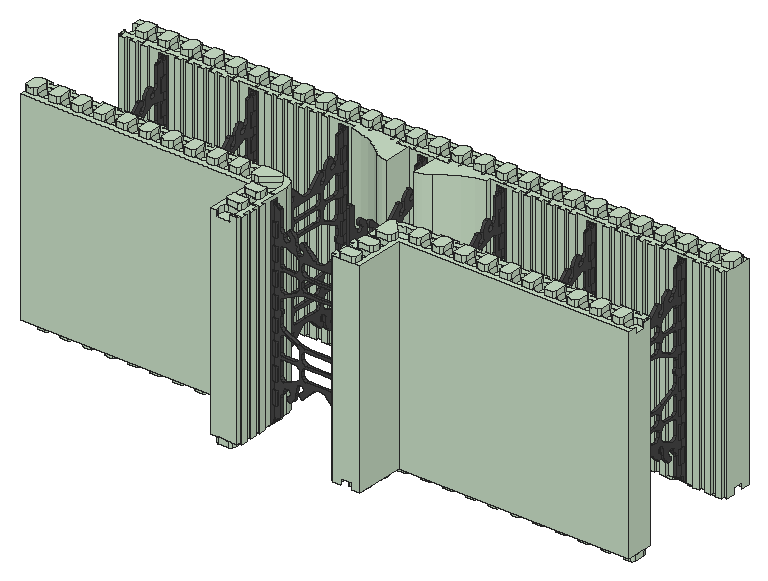
Revit family (continued)
Definition of nested family "8-inch Insert Web w One Fastening Strip"
  Forms (mm)
    Extrusion 4, void
      sketch origin (0, -25.4, 0) x (1, 0, 0) y (0, 1, 0)
        loop
          arc (-6.35, -70.929) -> (-5.736, -69.448) -> (-4.255, -68.834) r 2.095
          line (-4.255, -68.834) -> (-6.35, -68.834) -> (-6.35, -70.929)
      from 0 to 457.2
    Extrusion 5, void
      sketch origin (0, -25.4, 0) x (-1, 0, 0) y (0, -1, 0)
        loop
          line (-6.35, 70.929) -> (-6.35, 68.834) -> (-4.255, 68.834)
          arc (-4.255, 68.834) -> (-5.736, 69.448) -> (-6.35, 70.929) r 2.095
      from 0 to 457.2
  Cuts and joins
    Extrusion 4, Extrusion 5 cuts Extrusion 1
    Extrusion 4, Extrusion 5 cuts Extrusion 3
Definition of nested family "NUDURA Diamond Pattern Missing Two Lines"
  Reference planes
    plane 1 "Center (Front/Back)": y = 0
    plane 2: z = 0
    plane 3 "Center (Left/Right)": x = 0
    plane 4: z = 457.2
  Lines and regions (mm)
    model lines
      curve 1: line (50.8, -142.875, 457.2) -> (50.8, -142.875, 0)
      curve 2: line (85.183, -142.875, 431.415) -> (93.906, -142.875, 422.692)
      curve 3: arc (85.183, -142.875, 444.885) -> (82.394, -142.875, 438.15) -> (85.183, -142.875, 431.415) r 9.525
      curve 4: line (94.708, -142.875, 454.41) -> (85.183, -142.875, 444.885)
      curve 5: arc (108.179, -142.875, 454.41) -> (101.444, -142.875, 457.2) -> (94.708, -142.875, 454.41) r 9.525
      curve 6: line (117.704, -142.875, 444.885) -> (108.179, -142.875, 454.41)
      curve 7: arc (117.704, -142.875, 431.415) -> (120.494, -142.875, 438.15) -> (117.704, -142.875, 444.885) r 9.525
      curve 8: line (108.981, -142.875, 422.692) -> (117.704, -142.875, 431.415)
      curve 9: arc (105.934, -142.875, 452.165) -> (101.444, -142.875, 454.025) -> (96.953, -142.875, 452.165) r 6.35
      curve 10: line (115.459, -142.875, 442.64) -> (105.934, -142.875, 452.165)
      curve 11: arc (115.459, -142.875, 433.66) -> (117.319, -142.875, 438.15) -> (115.459, -142.875, 442.64) r 6.35
      curve 12: line (105.934, -142.875, 424.135) -> (115.459, -142.875, 433.66)
      curve 13: arc (96.953, -142.875, 424.135) -> (101.444, -142.875, 422.275) -> (105.934, -142.875, 424.135) r 6.35
      curve 14: line (87.428, -142.875, 433.66) -> (96.953, -142.875, 424.135)
      curve 15: arc (87.428, -142.875, 442.64) -> (85.569, -142.875, 438.15) -> (87.428, -142.875, 433.66) r 6.35
      curve 16: line (96.953, -142.875, 452.165) -> (87.428, -142.875, 442.64)
      curve 17: arc (93.906, -142.875, 415.508) -> (95.394, -142.875, 419.1) -> (93.906, -142.875, 422.692) r 5.08
      curve 18: line (117.704, -142.875, 406.785) -> (108.981, -142.875, 415.508)
      curve 19: arc (117.704, -142.875, 393.315) -> (120.494, -142.875, 400.05) -> (117.704, -142.875, 406.785) r 9.525
      curve 20: line (108.981, -142.875, 384.592) -> (117.704, -142.875, 393.315)
      curve 21: line (85.183, -142.875, 393.315) -> (93.906, -142.875, 384.592)
      curve 22: arc (85.183, -142.875, 406.785) -> (82.394, -142.875, 400.05) -> (85.183, -142.875, 393.315) r 9.525
      curve 23: line (93.906, -142.875, 415.508) -> (85.183, -142.875, 406.785)
      curve 24: arc (105.934, -142.875, 414.065) -> (101.444, -142.875, 415.925) -> (96.953, -142.875, 414.065) r 6.35
      curve 25: line (96.953, -142.875, 414.065) -> (87.428, -142.875, 404.54)
      curve 26: arc (87.428, -142.875, 404.54) -> (85.569, -142.875, 400.05) -> (87.428, -142.875, 395.56) r 6.35
      curve 27: line (87.428, -142.875, 395.56) -> (96.953, -142.875, 386.035)
      curve 28: arc (96.953, -142.875, 386.035) -> (101.444, -142.875, 384.175) -> (105.934, -142.875, 386.035) r 6.35
      curve 29: line (105.934, -142.875, 386.035) -> (115.459, -142.875, 395.56)
      curve 30: arc (115.459, -142.875, 395.56) -> (117.319, -142.875, 400.05) -> (115.459, -142.875, 404.54) r 6.35
      curve 31: line (115.459, -142.875, 404.54) -> (105.934, -142.875, 414.065)
      curve 32: arc (93.906, -142.875, 377.408) -> (95.394, -142.875, 381) -> (93.906, -142.875, 384.592) r 5.08
      curve 33: line (117.704, -142.875, 368.685) -> (108.981, -142.875, 377.408)
      curve 34: arc (117.704, -142.875, 355.215) -> (120.494, -142.875, 361.95) -> (117.704, -142.875, 368.685) r 9.525
      curve 35: line (108.981, -142.875, 346.492) -> (117.704, -142.875, 355.215)
      curve 36: line (85.183, -142.875, 355.215) -> (93.906, -142.875, 346.492)
      curve 37: arc (85.183, -142.875, 368.685) -> (82.394, -142.875, 361.95) -> (85.183, -142.875, 355.215) r 9.525
      curve 38: line (93.906, -142.875, 377.408) -> (85.183, -142.875, 368.685)
      curve 39: arc (105.934, -142.875, 375.965) -> (101.444, -142.875, 377.825) -> (96.953, -142.875, 375.965) r 6.35
      curve 40: line (96.953, -142.875, 375.965) -> (87.428, -142.875, 366.44)
      curve 41: arc (87.428, -142.875, 366.44) -> (85.569, -142.875, 361.95) -> (87.428, -142.875, 357.46) r 6.35
      curve 42: line (87.428, -142.875, 357.46) -> (96.953, -142.875, 347.935)
      curve 43: arc (96.953, -142.875, 347.935) -> (101.444, -142.875, 346.075) -> (105.934, -142.875, 347.935) r 6.35
      curve 44: line (105.934, -142.875, 347.935) -> (115.459, -142.875, 357.46)
      curve 45: arc (115.459, -142.875, 357.46) -> (117.319, -142.875, 361.95) -> (115.459, -142.875, 366.44) r 6.35
      curve 46: line (115.459, -142.875, 366.44) -> (105.934, -142.875, 375.965)
      curve 47: arc (93.906, -142.875, 339.308) -> (95.394, -142.875, 342.9) -> (93.906, -142.875, 346.492) r 5.08
      curve 48: line (117.704, -142.875, 330.585) -> (108.981, -142.875, 339.308)
      curve 49: arc (117.704, -142.875, 317.115) -> (120.494, -142.875, 323.85) -> (117.704, -142.875, 330.585) r 9.525
      curve 50: line (108.981, -142.875, 308.392) -> (117.704, -142.875, 317.115)
      curve 51: line (85.183, -142.875, 317.115) -> (93.906, -142.875, 308.392)
      curve 52: arc (85.183, -142.875, 330.585) -> (82.394, -142.875, 323.85) -> (85.183, -142.875, 317.115) r 9.525
      curve 53: line (93.906, -142.875, 339.308) -> (85.183, -142.875, 330.585)
      curve 54: arc (105.934, -142.875, 337.865) -> (101.444, -142.875, 339.725) -> (96.953, -142.875, 337.865) r 6.35
      curve 55: line (96.953, -142.875, 337.865) -> (87.428, -142.875, 328.34)
      curve 56: arc (87.428, -142.875, 328.34) -> (85.569, -142.875, 323.85) -> (87.428, -142.875, 319.36) r 6.35
      curve 57: line (87.428, -142.875, 319.36) -> (96.953, -142.875, 309.835)
      curve 58: arc (96.953, -142.875, 309.835) -> (101.444, -142.875, 307.975) -> (105.934, -142.875, 309.835) r 6.35
      curve 59: line (105.934, -142.875, 309.835) -> (115.459, -142.875, 319.36)
      curve 60: arc (115.459, -142.875, 319.36) -> (117.319, -142.875, 323.85) -> (115.459, -142.875, 328.34) r 6.35
      curve 61: line (115.459, -142.875, 328.34) -> (105.934, -142.875, 337.865)
      curve 62: arc (93.906, -142.875, 301.208) -> (95.394, -142.875, 304.8) -> (93.906, -142.875, 308.392) r 5.08
      curve 63: line (117.704, -142.875, 292.485) -> (108.981, -142.875, 301.208)
      curve 64: arc (117.704, -142.875, 279.015) -> (120.494, -142.875, 285.75) -> (117.704, -142.875, 292.485) r 9.525
      curve 65: line (108.981, -142.875, 270.292) -> (117.704, -142.875, 279.015)
      curve 66: line (85.183, -142.875, 279.015) -> (93.906, -142.875, 270.292)
      curve 67: arc (85.183, -142.875, 292.485) -> (82.394, -142.875, 285.75) -> (85.183, -142.875, 279.015) r 9.525
      curve 68: line (93.906, -142.875, 301.208) -> (85.183, -142.875, 292.485)
      curve 69: arc (105.934, -142.875, 299.765) -> (101.444, -142.875, 301.625) -> (96.953, -142.875, 299.765) r 6.35
      curve 70: line (96.953, -142.875, 299.765) -> (87.428, -142.875, 290.24)
      curve 71: arc (87.428, -142.875, 290.24) -> (85.569, -142.875, 285.75) -> (87.428, -142.875, 281.26) r 6.35
      curve 72: line (87.428, -142.875, 281.26) -> (96.953, -142.875, 271.735)
      curve 73: arc (96.953, -142.875, 271.735) -> (101.444, -142.875, 269.875) -> (105.934, -142.875, 271.735) r 6.35
      curve 74: line (105.934, -142.875, 271.735) -> (115.459, -142.875, 281.26)
      curve 75: arc (115.459, -142.875, 281.26) -> (117.319, -142.875, 285.75) -> (115.459, -142.875, 290.24) r 6.35
      curve 76: line (115.459, -142.875, 290.24) -> (105.934, -142.875, 299.765)
      curve 77: arc (93.906, -142.875, 263.108) -> (95.394, -142.875, 266.7) -> (93.906, -142.875, 270.292) r 5.08
      curve 78: line (117.704, -142.875, 254.385) -> (108.981, -142.875, 263.108)
      curve 79: arc (117.704, -142.875, 240.915) -> (120.494, -142.875, 247.65) -> (117.704, -142.875, 254.385) r 9.525
      curve 80: line (108.981, -142.875, 232.192) -> (117.704, -142.875, 240.915)
      curve 81: line (85.183, -142.875, 240.915) -> (93.906, -142.875, 232.192)
      curve 82: arc (85.183, -142.875, 254.385) -> (82.394, -142.875, 247.65) -> (85.183, -142.875, 240.915) r 9.525
      curve 83: line (93.906, -142.875, 263.108) -> (85.183, -142.875, 254.385)
      curve 84: arc (105.934, -142.875, 261.665) -> (101.444, -142.875, 263.525) -> (96.953, -142.875, 261.665) r 6.35
      curve 85: line (96.953, -142.875, 261.665) -> (87.428, -142.875, 252.14)
      curve 86: arc (87.428, -142.875, 252.14) -> (85.569, -142.875, 247.65) -> (87.428, -142.875, 243.16) r 6.35
      curve 87: line (87.428, -142.875, 243.16) -> (96.953, -142.875, 233.635)
      curve 88: arc (96.953, -142.875, 233.635) -> (101.444, -142.875, 231.775) -> (105.934, -142.875, 233.635) r 6.35
      curve 89: line (105.934, -142.875, 233.635) -> (115.459, -142.875, 243.16)
      curve 90: arc (115.459, -142.875, 243.16) -> (117.319, -142.875, 247.65) -> (115.459, -142.875, 252.14) r 6.35
      curve 91: line (115.459, -142.875, 252.14) -> (105.934, -142.875, 261.665)
      curve 92: arc (93.906, -142.875, 225.008) -> (95.394, -142.875, 228.6) -> (93.906, -142.875, 232.192) r 5.08
      curve 93: line (117.704, -142.875, 216.285) -> (108.981, -142.875, 225.008)
      curve 94: arc (117.704, -142.875, 202.815) -> (120.494, -142.875, 209.55) -> (117.704, -142.875, 216.285) r 9.525
      curve 95: line (108.981, -142.875, 194.092) -> (117.704, -142.875, 202.815)
      curve 96: line (85.183, -142.875, 202.815) -> (93.906, -142.875, 194.092)
      curve 97: arc (85.183, -142.875, 216.285) -> (82.394, -142.875, 209.55) -> (85.183, -142.875, 202.815) r 9.525
      curve 98: line (93.906, -142.875, 225.008) -> (85.183, -142.875, 216.285)
      curve 99: arc (105.934, -142.875, 223.565) -> (101.444, -142.875, 225.425) -> (96.953, -142.875, 223.565) r 6.35
      curve 100: line (96.953, -142.875, 223.565) -> (87.428, -142.875, 214.04)
      curve 101: arc (87.428, -142.875, 214.04) -> (85.569, -142.875, 209.55) -> (87.428, -142.875, 205.06) r 6.35
      curve 102: line (87.428, -142.875, 205.06) -> (96.953, -142.875, 195.535)
      curve 103: arc (96.953, -142.875, 195.535) -> (101.444, -142.875, 193.675) -> (105.934, -142.875, 195.535) r 6.35
      curve 104: line (105.934, -142.875, 195.535) -> (115.459, -142.875, 205.06)
      curve 105: arc (115.459, -142.875, 205.06) -> (117.319, -142.875, 209.55) -> (115.459, -142.875, 214.04) r 6.35
      curve 106: line (115.459, -142.875, 214.04) -> (105.934, -142.875, 223.565)
      curve 107: arc (93.906, -142.875, 186.908) -> (95.394, -142.875, 190.5) -> (93.906, -142.875, 194.092) r 5.08
      curve 108: line (117.704, -142.875, 178.185) -> (108.981, -142.875, 186.908)
      curve 109: arc (117.704, -142.875, 164.715) -> (120.494, -142.875, 171.45) -> (117.704, -142.875, 178.185) r 9.525
      curve 110: line (108.981, -142.875, 155.992) -> (117.704, -142.875, 164.715)
      curve 111: line (85.183, -142.875, 164.715) -> (93.906, -142.875, 155.992)
      curve 112: arc (85.183, -142.875, 178.185) -> (82.394, -142.875, 171.45) -> (85.183, -142.875, 164.715) r 9.525
      curve 113: line (93.906, -142.875, 186.908) -> (85.183, -142.875, 178.185)
      curve 114: arc (105.934, -142.875, 185.465) -> (101.444, -142.875, 187.325) -> (96.953, -142.875, 185.465) r 6.35
      curve 115: line (96.953, -142.875, 185.465) -> (87.428, -142.875, 175.94)
      curve 116: arc (87.428, -142.875, 175.94) -> (85.569, -142.875, 171.45) -> (87.428, -142.875, 166.96) r 6.35
      curve 117: line (87.428, -142.875, 166.96) -> (96.953, -142.875, 157.435)
      curve 118: arc (96.953, -142.875, 157.435) -> (101.444, -142.875, 155.575) -> (105.934, -142.875, 157.435) r 6.35
      curve 119: line (105.934, -142.875, 157.435) -> (115.459, -142.875, 166.96)
      curve 120: arc (115.459, -142.875, 166.96) -> (117.319, -142.875, 171.45) -> (115.459, -142.875, 175.94) r 6.35
      curve 121: line (115.459, -142.875, 175.94) -> (105.934, -142.875, 185.465)
      curve 122: arc (93.906, -142.875, 148.808) -> (95.394, -142.875, 152.4) -> (93.906, -142.875, 155.992) r 5.08
      curve 123: line (117.704, -142.875, 140.085) -> (108.981, -142.875, 148.808)
      curve 124: arc (117.704, -142.875, 126.615) -> (120.494, -142.875, 133.35) -> (117.704, -142.875, 140.085) r 9.525
      curve 125: line (108.981, -142.875, 117.892) -> (117.704, -142.875, 126.615)
      curve 126: line (85.183, -142.875, 126.615) -> (93.906, -142.875, 117.892)
      curve 127: arc (85.183, -142.875, 140.085) -> (82.394, -142.875, 133.35) -> (85.183, -142.875, 126.615) r 9.525
      curve 128: line (93.906, -142.875, 148.808) -> (85.183, -142.875, 140.085)
      curve 129: arc (105.934, -142.875, 147.365) -> (101.444, -142.875, 149.225) -> (96.953, -142.875, 147.365) r 6.35
      curve 130: line (96.953, -142.875, 147.365) -> (87.428, -142.875, 137.84)
      curve 131: arc (87.428, -142.875, 137.84) -> (85.569, -142.875, 133.35) -> (87.428, -142.875, 128.86) r 6.35
      curve 132: line (87.428, -142.875, 128.86) -> (96.953, -142.875, 119.335)
      curve 133: arc (96.953, -142.875, 119.335) -> (101.444, -142.875, 117.475) -> (105.934, -142.875, 119.335) r 6.35
      curve 134: line (105.934, -142.875, 119.335) -> (115.459, -142.875, 128.86)
      curve 135: arc (115.459, -142.875, 128.86) -> (117.319, -142.875, 133.35) -> (115.459, -142.875, 137.84) r 6.35
      curve 136: line (115.459, -142.875, 137.84) -> (105.934, -142.875, 147.365)
      curve 137: arc (93.906, -142.875, 110.708) -> (95.394, -142.875, 114.3) -> (93.906, -142.875, 117.892) r 5.08
      curve 138: line (117.704, -142.875, 101.985) -> (108.981, -142.875, 110.708)
      curve 139: arc (117.704, -142.875, 88.515) -> (120.494, -142.875, 95.25) -> (117.704, -142.875, 101.985) r 9.525
      curve 140: line (108.981, -142.875, 79.792) -> (117.704, -142.875, 88.515)
      curve 141: line (85.183, -142.875, 88.515) -> (93.906, -142.875, 79.792)
      curve 142: arc (85.183, -142.875, 101.985) -> (82.394, -142.875, 95.25) -> (85.183, -142.875, 88.515) r 9.525
      curve 143: line (93.906, -142.875, 110.708) -> (85.183, -142.875, 101.985)
      curve 144: arc (105.934, -142.875, 109.265) -> (101.444, -142.875, 111.125) -> (96.953, -142.875, 109.265) r 6.35
      curve 145: line (96.953, -142.875, 109.265) -> (87.428, -142.875, 99.74)
      curve 146: arc (87.428, -142.875, 99.74) -> (85.569, -142.875, 95.25) -> (87.428, -142.875, 90.76) r 6.35
      curve 147: line (87.428, -142.875, 90.76) -> (96.953, -142.875, 81.235)
      curve 148: arc (96.953, -142.875, 81.235) -> (101.444, -142.875, 79.375) -> (105.934, -142.875, 81.235) r 6.35
      curve 149: line (105.934, -142.875, 81.235) -> (115.459, -142.875, 90.76)
      curve 150: arc (115.459, -142.875, 90.76) -> (117.319, -142.875, 95.25) -> (115.459, -142.875, 99.74) r 6.35
      curve 151: line (115.459, -142.875, 99.74) -> (105.934, -142.875, 109.265)
      curve 152: arc (93.906, -142.875, 72.608) -> (95.394, -142.875, 76.2) -> (93.906, -142.875, 79.792) r 5.08
      curve 153: line (117.704, -142.875, 63.885) -> (108.981, -142.875, 72.608)
      curve 154: arc (117.704, -142.875, 50.415) -> (120.494, -142.875, 57.15) -> (117.704, -142.875, 63.885) r 9.525
      curve 155: line (108.981, -142.875, 41.692) -> (117.704, -142.875, 50.415)
      curve 156: line (85.183, -142.875, 50.415) -> (93.906, -142.875, 41.692)
      curve 157: arc (85.183, -142.875, 63.885) -> (82.394, -142.875, 57.15) -> (85.183, -142.875, 50.415) r 9.525
      curve 158: line (93.906, -142.875, 72.608) -> (85.183, -142.875, 63.885)
      curve 159: arc (105.934, -142.875, 71.165) -> (101.444, -142.875, 73.025) -> (96.953, -142.875, 71.165) r 6.35
      curve 160: line (96.953, -142.875, 71.165) -> (87.428, -142.875, 61.64)
      curve 161: arc (87.428, -142.875, 61.64) -> (85.569, -142.875, 57.15) -> (87.428, -142.875, 52.66) r 6.35
      curve 162: line (87.428, -142.875, 52.66) -> (96.953, -142.875, 43.135)
      curve 163: arc (96.953, -142.875, 43.135) -> (101.444, -142.875, 41.275) -> (105.934, -142.875, 43.135) r 6.35
      curve 164: line (105.934, -142.875, 43.135) -> (115.459, -142.875, 52.66)
      curve 165: arc (115.459, -142.875, 52.66) -> (117.319, -142.875, 57.15) -> (115.459, -142.875, 61.64) r 6.35
      curve 166: line (115.459, -142.875, 61.64) -> (105.934, -142.875, 71.165)
      curve 167: arc (93.906, -142.875, 34.508) -> (95.394, -142.875, 38.1) -> (93.906, -142.875, 41.692) r 5.08
      curve 168: line (93.906, -142.875, 34.508) -> (85.183, -142.875, 25.785)
      curve 169: arc (85.183, -142.875, 25.785) -> (82.394, -142.875, 19.05) -> (85.183, -142.875, 12.315) r 9.525
      curve 170: line (85.183, -142.875, 12.315) -> (94.708, -142.875, 2.79)
      curve 171: arc (94.708, -142.875, 2.79) -> (101.444, -142.875, 0) -> (108.179, -142.875, 2.79) r 9.525
      curve 172: line (108.179, -142.875, 2.79) -> (117.704, -142.875, 12.315)
      curve 173: arc (117.704, -142.875, 12.315) -> (120.494, -142.875, 19.05) -> (117.704, -142.875, 25.785) r 9.525
      curve 174: line (117.704, -142.875, 25.785) -> (108.981, -142.875, 34.508)
      curve 175: arc (108.981, -142.875, 41.692) -> (107.493, -142.875, 38.1) -> (108.981, -142.875, 34.508) r 5.08
      curve 176: arc (105.934, -142.875, 33.065) -> (101.444, -142.875, 34.925) -> (96.953, -142.875, 33.065) r 6.35
      curve 177: line (115.459, -142.875, 23.54) -> (105.934, -142.875, 33.065)
      curve 178: arc (115.459, -142.875, 14.56) -> (117.319, -142.875, 19.05) -> (115.459, -142.875, 23.54) r 6.35
      curve 179: line (105.934, -142.875, 5.035) -> (115.459, -142.875, 14.56)
      curve 180: arc (96.953, -142.875, 5.035) -> (101.444, -142.875, 3.175) -> (105.934, -142.875, 5.035) r 6.35
      curve 181: line (87.428, -142.875, 14.56) -> (96.953, -142.875, 5.035)
      curve 182: arc (87.428, -142.875, 23.54) -> (85.569, -142.875, 19.05) -> (87.428, -142.875, 14.56) r 6.35
      curve 183: line (96.953, -142.875, 33.065) -> (87.428, -142.875, 23.54)
      curve 184: arc (108.981, -142.875, 79.792) -> (107.493, -142.875, 76.2) -> (108.981, -142.875, 72.608) r 5.08
      curve 185: arc (108.981, -142.875, 117.892) -> (107.493, -142.875, 114.3) -> (108.981, -142.875, 110.708) r 5.08
      curve 186: arc (108.981, -142.875, 155.992) -> (107.493, -142.875, 152.4) -> (108.981, -142.875, 148.808) r 5.08
      curve 187: arc (108.981, -142.875, 194.092) -> (107.493, -142.875, 190.5) -> (108.981, -142.875, 186.908) r 5.08
      curve 188: arc (108.981, -142.875, 232.192) -> (107.493, -142.875, 228.6) -> (108.981, -142.875, 225.008) r 5.08
      curve 189: arc (108.981, -142.875, 270.292) -> (107.493, -142.875, 266.7) -> (108.981, -142.875, 263.108) r 5.08
      curve 190: arc (108.981, -142.875, 308.392) -> (107.493, -142.875, 304.8) -> (108.981, -142.875, 301.208) r 5.08
      curve 191: arc (108.981, -142.875, 346.492) -> (107.493, -142.875, 342.9) -> (108.981, -142.875, 339.308) r 5.08
      curve 192: arc (108.981, -142.875, 384.592) -> (107.493, -142.875, 381) -> (108.981, -142.875, 377.408) r 5.08
      curve 193: arc (108.981, -142.875, 422.692) -> (107.493, -142.875, 419.1) -> (108.981, -142.875, 415.508) r 5.08
Definition of nested family "NUDURA Logo Diamond"
  Reference planes
    plane 1 "Center (Front/Back)": y = 0
    plane 2: z = 0
    plane 3 "Center (Left/Right)": x = 0
  Lines and regions (mm)
    model lines
      curve 1: line (320.001, 0, 444.526) -> (311.021, 0, 453.507)
      curve 2: line (313.973, 0, 425.925) -> (320.001, 0, 431.954)
      curve 3: line (320.001, 0, 406.426) -> (313.973, 0, 412.455)
      curve 4: line (313.973, 0, 387.825) -> (320.001, 0, 393.854)
      curve 5: line (320.001, 0, 368.326) -> (313.973, 0, 374.355)
      curve 6: line (313.973, 0, 349.725) -> (320.001, 0, 355.754)
      curve 7: line (309.225, 0, 337.411) -> (322.887, 0, 323.749)
      curve 8: line (322.887, 0, 323.749) -> (324.683, 0, 325.545)
      curve 9: line (286.583, 0, 323.749) -> (300.245, 0, 337.411)
      curve 10: line (295.497, 0, 336.255) -> (284.787, 0, 325.545)
      curve 11: line (289.468, 0, 355.754) -> (295.497, 0, 349.725)
      curve 12: line (295.497, 0, 374.355) -> (289.468, 0, 368.326)
      curve 13: line (289.468, 0, 393.854) -> (295.497, 0, 387.825)
      curve 14: line (295.497, 0, 412.455) -> (289.468, 0, 406.426)
      curve 15: line (289.468, 0, 431.954) -> (295.497, 0, 425.925)
      curve 16: line (298.449, 0, 453.507) -> (289.468, 0, 444.526)
      curve 17: line (300.245, 0, 451.711) -> (291.265, 0, 442.73)
      curve 18: line (318.205, 0, 442.73) -> (309.225, 0, 451.711)
      curve 19: line (309.225, 0, 424.77) -> (318.205, 0, 433.75)
      curve 20: line (291.265, 0, 433.75) -> (300.245, 0, 424.77)
      curve 21: arc (289.468, 0, 444.526) -> (286.865, 0, 438.24) -> (289.468, 0, 431.954) r 8.89
      curve 22: arc (298.449, 0, 453.507) -> (304.735, 0, 456.111) -> (311.021, 0, 453.507) r 8.89
      curve 23: arc (291.265, 0, 442.73) -> (289.405, 0, 438.24) -> (291.265, 0, 433.75) r 6.35
      curve 24: arc (318.205, 0, 442.73) -> (320.065, 0, 438.24) -> (318.205, 0, 433.75) r 6.35
      curve 25: arc (309.225, 0, 424.77) -> (304.735, 0, 422.91) -> (300.245, 0, 424.77) r 6.35
      curve 26: arc (300.245, 0, 451.711) -> (304.735, 0, 453.571) -> (309.225, 0, 451.711) r 6.35
      curve 27: arc (320.001, 0, 444.526) -> (322.605, 0, 438.24) -> (320.001, 0, 431.954) r 8.89
      curve 28: arc (295.497, 0, 425.925) -> (298.287, 0, 419.19) -> (295.497, 0, 412.455) r 9.525
      curve 29: arc (313.973, 0, 425.925) -> (311.183, 0, 419.19) -> (313.973, 0, 412.455) r 9.525
      curve 30: line (313.973, 0, 387.825) -> (320.001, 0, 393.854)
      curve 31: line (289.468, 0, 393.854) -> (295.497, 0, 387.825)
      curve 32: line (300.245, 0, 413.611) -> (291.265, 0, 404.63)
      curve 33: line (318.205, 0, 404.63) -> (309.225, 0, 413.611)
      curve 34: line (309.225, 0, 386.67) -> (318.205, 0, 395.65)
      curve 35: line (291.265, 0, 395.65) -> (300.245, 0, 386.67)
      curve 36: arc (289.468, 0, 406.426) -> (286.865, 0, 400.14) -> (289.468, 0, 393.854) r 8.89
      curve 37: arc (291.265, 0, 404.63) -> (289.405, 0, 400.14) -> (291.265, 0, 395.65) r 6.35
      curve 38: arc (318.205, 0, 404.63) -> (320.065, 0, 400.14) -> (318.205, 0, 395.65) r 6.35
      curve 39: arc (309.225, 0, 386.67) -> (304.735, 0, 384.81) -> (300.245, 0, 386.67) r 6.35
      curve 40: arc (300.245, 0, 413.611) -> (304.735, 0, 415.471) -> (309.225, 0, 413.611) r 6.35
      curve 41: arc (320.001, 0, 406.426) -> (322.605, 0, 400.14) -> (320.001, 0, 393.854) r 8.89
      curve 42: line (295.497, 0, 412.455) -> (289.468, 0, 406.426)
      curve 43: line (320.001, 0, 406.426) -> (313.973, 0, 412.455)
      curve 44: arc (295.497, 0, 387.825) -> (298.287, 0, 381.09) -> (295.497, 0, 374.355) r 9.525
      curve 45: arc (313.973, 0, 387.825) -> (311.183, 0, 381.09) -> (313.973, 0, 374.355) r 9.525
      curve 46: line (313.973, 0, 349.725) -> (320.001, 0, 355.754)
      curve 47: line (289.468, 0, 355.754) -> (295.497, 0, 349.725)
      curve 48: line (300.245, 0, 375.511) -> (291.265, 0, 366.53)
      curve 49: line (318.205, 0, 366.53) -> (309.225, 0, 375.511)
      curve 50: line (309.225, 0, 348.57) -> (318.205, 0, 357.55)
      curve 51: line (291.265, 0, 357.55) -> (300.245, 0, 348.57)
      curve 52: arc (289.468, 0, 368.326) -> (286.865, 0, 362.04) -> (289.468, 0, 355.754) r 8.89
      curve 53: arc (291.265, 0, 366.53) -> (289.405, 0, 362.04) -> (291.265, 0, 357.55) r 6.35
      curve 54: arc (318.205, 0, 366.53) -> (320.065, 0, 362.04) -> (318.205, 0, 357.55) r 6.35
      curve 55: arc (309.225, 0, 348.57) -> (304.735, 0, 346.71) -> (300.245, 0, 348.57) r 6.35
      curve 56: arc (300.245, 0, 375.511) -> (304.735, 0, 377.371) -> (309.225, 0, 375.511) r 6.35
      curve 57: arc (320.001, 0, 368.326) -> (322.605, 0, 362.04) -> (320.001, 0, 355.754) r 8.89
      curve 58: line (295.497, 0, 374.355) -> (289.468, 0, 368.326)
      curve 59: arc (295.497, 0, 349.725) -> (298.287, 0, 342.99) -> (295.497, 0, 336.255) r 9.525
      curve 60: arc (313.973, 0, 349.725) -> (311.183, 0, 342.99) -> (313.973, 0, 336.255) r 9.525
      curve 61: line (324.683, 0, 325.545) -> (313.973, 0, 336.255)
      curve 62: line (284.787, 0, 325.545) -> (286.583, 0, 323.749)
      curve 63: arc (300.245, 0, 337.411) -> (304.735, 0, 339.271) -> (309.225, 0, 337.411) r 6.35
      curve 64: line (320.001, 0, 12.854) -> (311.021, 0, 3.874)
      curve 65: line (313.973, 0, 31.455) -> (320.001, 0, 25.426)
      curve 66: line (320.001, 0, 50.954) -> (313.973, 0, 44.925)
      curve 67: line (313.973, 0, 69.555) -> (320.001, 0, 63.526)
      curve 68: line (320.001, 0, 89.054) -> (313.973, 0, 83.025)
      curve 69: line (313.973, 0, 107.655) -> (320.001, 0, 101.626)
      curve 70: line (309.225, 0, 119.97) -> (322.887, 0, 133.632)
      curve 71: line (322.887, 0, 133.632) -> (324.683, 0, 131.836)
      curve 72: line (286.583, 0, 133.632) -> (300.245, 0, 119.97)
      curve 73: line (295.497, 0, 121.125) -> (284.787, 0, 131.836)
      curve 74: line (289.468, 0, 101.626) -> (295.497, 0, 107.655)
      curve 75: line (295.497, 0, 83.025) -> (289.468, 0, 89.054)
      curve 76: line (289.468, 0, 63.526) -> (295.497, 0, 69.555)
      curve 77: line (295.497, 0, 44.925) -> (289.468, 0, 50.954)
      curve 78: line (289.468, 0, 25.426) -> (295.497, 0, 31.455)
      curve 79: line (298.449, 0, 3.874) -> (289.468, 0, 12.854)
      curve 80: line (300.245, 0, 5.67) -> (291.265, 0, 14.65)
      curve 81: line (318.205, 0, 14.65) -> (309.225, 0, 5.67)
      curve 82: line (309.225, 0, 32.611) -> (318.205, 0, 23.63)
      curve 83: line (291.265, 0, 23.63) -> (300.245, 0, 32.611)
      curve 84: arc (289.468, 0, 12.854) -> (286.865, 0, 19.14) -> (289.468, 0, 25.426) r 8.89
      curve 85: arc (298.449, 0, 3.874) -> (304.735, 0, 1.27) -> (311.021, 0, 3.874) r 8.89
      curve 86: arc (291.265, 0, 14.65) -> (289.405, 0, 19.14) -> (291.265, 0, 23.63) r 6.35
      curve 87: arc (318.205, 0, 14.65) -> (320.065, 0, 19.14) -> (318.205, 0, 23.63) r 6.35
      curve 88: arc (309.225, 0, 32.611) -> (304.735, 0, 34.471) -> (300.245, 0, 32.611) r 6.35
      curve 89: arc (300.245, 0, 5.67) -> (304.735, 0, 3.81) -> (309.225, 0, 5.67) r 6.35
      curve 90: arc (320.001, 0, 12.854) -> (322.605, 0, 19.14) -> (320.001, 0, 25.426) r 8.89
      curve 91: arc (295.497, 0, 31.455) -> (298.287, 0, 38.19) -> (295.497, 0, 44.925) r 9.525
      curve 92: arc (313.973, 0, 31.455) -> (311.183, 0, 38.19) -> (313.973, 0, 44.925) r 9.525
      curve 93: line (313.973, 0, 69.555) -> (320.001, 0, 63.526)
      curve 94: line (289.468, 0, 63.526) -> (295.497, 0, 69.555)
      curve 95: line (300.245, 0, 43.77) -> (291.265, 0, 52.75)
      curve 96: line (318.205, 0, 52.75) -> (309.225, 0, 43.77)
      curve 97: line (309.225, 0, 70.711) -> (318.205, 0, 61.73)
      curve 98: line (291.265, 0, 61.73) -> (300.245, 0, 70.711)
      curve 99: arc (289.468, 0, 50.954) -> (286.865, 0, 57.24) -> (289.468, 0, 63.526) r 8.89
      curve 100: arc (291.265, 0, 52.75) -> (289.405, 0, 57.24) -> (291.265, 0, 61.73) r 6.35
      curve 101: arc (318.205, 0, 52.75) -> (320.065, 0, 57.24) -> (318.205, 0, 61.73) r 6.35
      curve 102: arc (309.225, 0, 70.711) -> (304.735, 0, 72.571) -> (300.245, 0, 70.711) r 6.35
      curve 103: arc (300.245, 0, 43.77) -> (304.735, 0, 41.91) -> (309.225, 0, 43.77) r 6.35
      curve 104: arc (320.001, 0, 50.954) -> (322.605, 0, 57.24) -> (320.001, 0, 63.526) r 8.89
      curve 105: line (295.497, 0, 44.925) -> (289.468, 0, 50.954)
      curve 106: line (320.001, 0, 50.954) -> (313.973, 0, 44.925)
      curve 107: arc (295.497, 0, 69.555) -> (298.287, 0, 76.29) -> (295.497, 0, 83.025) r 9.525
      curve 108: arc (313.973, 0, 69.555) -> (311.183, 0, 76.29) -> (313.973, 0, 83.025) r 9.525
      curve 109: line (313.973, 0, 107.655) -> (320.001, 0, 101.626)
      curve 110: line (289.468, 0, 101.626) -> (295.497, 0, 107.655)
      curve 111: line (300.245, 0, 81.87) -> (291.265, 0, 90.85)
      curve 112: line (318.205, 0, 90.85) -> (309.225, 0, 81.87)
      curve 113: line (309.225, 0, 108.811) -> (318.205, 0, 99.83)
      curve 114: line (291.265, 0, 99.83) -> (300.245, 0, 108.811)
      curve 115: arc (289.468, 0, 89.054) -> (286.865, 0, 95.34) -> (289.468, 0, 101.626) r 8.89
      curve 116: arc (291.265, 0, 90.85) -> (289.405, 0, 95.34) -> (291.265, 0, 99.83) r 6.35
      curve 117: arc (318.205, 0, 90.85) -> (320.065, 0, 95.34) -> (318.205, 0, 99.83) r 6.35
      curve 118: arc (309.225, 0, 108.811) -> (304.735, 0, 110.671) -> (300.245, 0, 108.811) r 6.35
      curve 119: arc (300.245, 0, 81.87) -> (304.735, 0, 80.01) -> (309.225, 0, 81.87) r 6.35
      curve 120: arc (320.001, 0, 89.054) -> (322.605, 0, 95.34) -> (320.001, 0, 101.626) r 8.89
      curve 121: line (295.497, 0, 83.025) -> (289.468, 0, 89.054)
      curve 122: arc (295.497, 0, 107.655) -> (298.287, 0, 114.39) -> (295.497, 0, 121.125) r 9.525
      curve 123: arc (313.973, 0, 107.655) -> (311.183, 0, 114.39) -> (313.973, 0, 121.125) r 9.525
      curve 124: line (324.683, 0, 131.836) -> (313.973, 0, 121.125)
      curve 125: line (284.787, 0, 131.836) -> (286.583, 0, 133.632)
      curve 126: arc (300.245, 0, 119.97) -> (304.735, 0, 118.11) -> (309.225, 0, 119.97) r 6.35
      curve 127: line (314.26, 0, 317.59) -> (295.21, 0, 317.59)
      curve 128: line (323.785, 0, 149.315) -> (323.785, 0, 308.065)
      curve 129: line (285.685, 0, 308.065) -> (285.685, 0, 149.315)
      curve 130: line (295.21, 0, 139.79) -> (314.26, 0, 139.79)
      curve 131: line (316.797, 0, 304.89) -> (305.798, 0, 311.24)
      curve 132: line (316.797, 0, 292.19) -> (316.797, 0, 304.89)
      curve 133: line (311.298, 0, 289.015) -> (316.797, 0, 292.19)
      curve 134: line (305.373, 0, 292.436) -> (311.298, 0, 289.015)
      curve 135: line (310.447, 0, 295.365) -> (305.373, 0, 292.436)
      curve 136: line (299.874, 0, 307.82) -> (310.447, 0, 301.715)
      curve 137: line (310.447, 0, 301.715) -> (310.447, 0, 295.365)
      curve 138: line (305.798, 0, 311.24) -> (299.874, 0, 307.82)
      curve 139: line (299.023, 0, 295.611) -> (304.097, 0, 298.54)
      curve 140: line (304.097, 0, 298.54) -> (298.172, 0, 301.961)
      curve 141: line (298.172, 0, 301.961) -> (292.673, 0, 298.786)
      curve 142: line (292.673, 0, 298.786) -> (292.673, 0, 286.086)
      curve 143: line (299.023, 0, 289.261) -> (299.023, 0, 295.611)
      curve 144: line (309.596, 0, 283.156) -> (299.023, 0, 289.261)
      curve 145: line (303.671, 0, 279.736) -> (309.596, 0, 283.156)
      curve 146: line (292.673, 0, 286.086) -> (303.671, 0, 279.736)
      curve 147: line (312.702, 0, 269.344) -> (296.768, 0, 272.912)
      curve 148: line (296.768, 0, 272.912) -> (296.768, 0, 267.036)
      curve 149: line (296.768, 0, 267.036) -> (308.089, 0, 264.517)
      curve 150: line (308.089, 0, 264.517) -> (296.768, 0, 260.949)
      curve 151: line (296.768, 0, 260.949) -> (296.768, 0, 251.084)
      curve 152: line (296.768, 0, 251.084) -> (309.138, 0, 248.314)
      curve 153: line (309.138, 0, 248.314) -> (309.138, 0, 247.516)
      curve 154: line (309.138, 0, 247.516) -> (301.281, 0, 248.991)
      curve 155: line (296.768, 0, 245.246) -> (296.768, 0, 237.71)
      curve 156: line (306.598, 0, 222.094) -> (306.598, 0, 228.599)
      curve 157: line (306.598, 0, 228.599) -> (296.768, 0, 230.786)
      curve 158: line (296.768, 0, 230.786) -> (296.768, 0, 215.343)
      curve 159: line (302.723, 0, 230.274) -> (312.702, 0, 228.039)
      curve 160: line (300.341, 0, 217.291) -> (300.341, 0, 223.486)
      curve 161: line (300.341, 0, 223.486) -> (306.598, 0, 222.094)
      curve 162: line (296.768, 0, 205.027) -> (296.768, 0, 197.49)
      curve 163: line (302.723, 0, 190.055) -> (310.162, 0, 188.389)
      curve 164: line (310.162, 0, 188.389) -> (310.162, 0, 176.633)
      curve 165: line (308.892, 0, 175.363) -> (307.868, 0, 175.363)
      curve 166: line (306.598, 0, 176.633) -> (306.598, 0, 180.004)
      curve 167: line (306.598, 0, 180.004) -> (307.868, 0, 179.719)
      curve 168: line (307.868, 0, 179.719) -> (307.868, 0, 186.3)
      curve 169: line (307.868, 0, 186.3) -> (296.768, 0, 188.785)
      curve 170: line (296.768, 0, 188.785) -> (296.768, 0, 182.205)
      curve 171: line (296.768, 0, 182.205) -> (304.058, 0, 180.572)
      curve 172: line (304.058, 0, 180.572) -> (304.058, 0, 177.654)
      curve 173: line (302.788, 0, 176.384) -> (296.768, 0, 176.384)
      curve 174: line (296.768, 0, 176.384) -> (296.768, 0, 164.003)
      curve 175: line (296.768, 0, 164.003) -> (299.284, 0, 162.219)
      curve 176: line (299.284, 0, 162.219) -> (299.284, 0, 153.715)
      curve 177: line (307.942, 0, 156.079) -> (301.824, 0, 160.418)
      curve 178: line (301.824, 0, 160.418) -> (301.824, 0, 154.409)
      curve 179: line (301.824, 0, 154.409) -> (307.942, 0, 156.079)
      curve 180: line (299.284, 0, 153.715) -> (296.768, 0, 153.028)
      curve 181: line (296.768, 0, 153.028) -> (296.768, 0, 146.14)
      curve 182: line (296.768, 0, 146.14) -> (312.702, 0, 150.491)
      curve 183: line (312.702, 0, 150.491) -> (312.702, 0, 159.713)
      curve 184: line (312.702, 0, 159.713) -> (298.767, 0, 169.594)
      curve 185: line (298.767, 0, 169.594) -> (302.342, 0, 169.594)
      curve 186: line (312.702, 0, 172.383) -> (312.702, 0, 193.945)
      curve 187: line (312.702, 0, 193.945) -> (302.326, 0, 196.268)
      curve 188: line (300.341, 0, 198.747) -> (300.341, 0, 201.381)
      curve 189: line (301.888, 0, 202.62) -> (312.702, 0, 200.199)
      curve 190: line (312.702, 0, 200.199) -> (312.702, 0, 206.628)
      curve 191: line (312.702, 0, 206.628) -> (306.843, 0, 207.728)
      curve 192: line (312.702, 0, 212.942) -> (312.702, 0, 227.241)
      curve 193: line (312.702, 0, 227.241) -> (309.138, 0, 228.034)
      curve 194: line (309.138, 0, 228.034) -> (309.138, 0, 217.291)
      curve 195: line (312.702, 0, 228.039) -> (312.702, 0, 234.164)
      curve 196: line (312.702, 0, 234.164) -> (302.326, 0, 236.488)
      curve 197: line (300.341, 0, 238.966) -> (300.341, 0, 241.6)
      curve 198: line (301.736, 0, 242.874) -> (312.702, 0, 240.418)
      curve 199: line (312.702, 0, 240.418) -> (312.702, 0, 253.611)
      curve 200: line (312.702, 0, 253.611) -> (302.429, 0, 255.912)
      curve 201: line (302.429, 0, 255.912) -> (312.702, 0, 259.27)
      curve 202: line (312.702, 0, 259.27) -> (312.702, 0, 269.344)
      curve 203: arc (296.768, 0, 245.246) -> (298.145, 0, 248.178) -> (301.281, 0, 248.991) r 3.81
      curve 204: arc (296.768, 0, 237.71) -> (298.44, 0, 232.946) -> (302.723, 0, 230.274) r 7.62
      curve 205: arc (300.842, 0, 208.826) -> (297.87, 0, 211.5) -> (296.768, 0, 215.343) r 7.251
      curve 206: arc (296.768, 0, 205.027) -> (297.979, 0, 207.812) -> (300.842, 0, 208.826) r 3.808
      curve 207: arc (296.768, 0, 197.49) -> (298.44, 0, 192.727) -> (302.723, 0, 190.055) r 7.62
      curve 208: arc (300.341, 0, 198.747) -> (300.898, 0, 197.159) -> (302.326, 0, 196.268) r 2.54
      curve 209: arc (300.341, 0, 201.381) -> (300.817, 0, 202.372) -> (301.888, 0, 202.62) r 1.27
      curve 210: arc (307.868, 0, 175.363) -> (306.969, 0, 175.735) -> (306.598, 0, 176.633) r 1.27
      curve 211: arc (308.892, 0, 175.363) -> (309.79, 0, 175.735) -> (310.162, 0, 176.633) r 1.27
      curve 212: arc (304.058, 0, 177.654) -> (303.686, 0, 176.756) -> (302.788, 0, 176.384) r 1.27
      curve 213: arc (302.342, 0, 169.594) -> (303.976, 0, 170.198) -> (304.826, 0, 171.718) r 2.516
      curve 214: arc (304.826, 0, 171.718) -> (309.07, 0, 168.432) -> (312.702, 0, 172.383) r 3.966
      curve 215: arc (306.843, 0, 207.728) -> (310.942, 0, 209.02) -> (312.702, 0, 212.942) r 5.249
      curve 216: arc (300.341, 0, 217.291) -> (304.739, 0, 212.893) -> (309.138, 0, 217.291) r 4.398
      curve 217: arc (300.341, 0, 238.966) -> (300.898, 0, 237.378) -> (302.326, 0, 236.488) r 2.54
      curve 218: arc (300.341, 0, 241.6) -> (300.886, 0, 242.648) -> (302.057, 0, 242.802) r 1.279
      curve 219: arc (285.685, 0, 308.065) -> (288.475, 0, 314.8) -> (295.21, 0, 317.59) r 9.525
      curve 220: arc (314.26, 0, 317.59) -> (320.995, 0, 314.8) -> (323.785, 0, 308.065) r 9.525
      curve 221: arc (285.685, 0, 149.315) -> (288.475, 0, 142.58) -> (295.21, 0, 139.79) r 9.525
      curve 222: arc (314.26, 0, 139.79) -> (320.995, 0, 142.58) -> (323.785, 0, 149.315) r 9.525
      curve 223: line (253.935, 0, 457.2) -> (253.935, 0, 0)
      curve 224: line (355.535, 0, 457.2) -> (355.535, 0, 0)
      curve 225: line (406.335, 0, 457.2) -> (406.335, 0, 0)
Definition of nested family "NUDURA Diamond Pattern"
  Reference planes
    plane 1 "Center (Front/Back)": y = 0
    plane 2: z = 0
    plane 3 "Center (Left/Right)": x = 0
    plane 4: z = 457.2
  Lines and regions (mm)
    model lines
      curve 1: line (203.2, -142.875, 457.2) -> (203.2, -142.875, 0)
      curve 2: line (152.4, -142.875, 457.2) -> (152.4, -142.875, 0)
      curve 3: line (50.8, -142.875, 457.2) -> (50.8, -142.875, 0)
      curve 4: line (85.183, -142.875, 431.415) -> (93.906, -142.875, 422.692)
      curve 5: arc (85.183, -142.875, 444.885) -> (82.394, -142.875, 438.15) -> (85.183, -142.875, 431.415) r 9.525
      curve 6: line (94.708, -142.875, 454.41) -> (85.183, -142.875, 444.885)
      curve 7: arc (108.179, -142.875, 454.41) -> (101.444, -142.875, 457.2) -> (94.708, -142.875, 454.41) r 9.525
      curve 8: line (117.704, -142.875, 444.885) -> (108.179, -142.875, 454.41)
      curve 9: arc (117.704, -142.875, 431.415) -> (120.494, -142.875, 438.15) -> (117.704, -142.875, 444.885) r 9.525
      curve 10: line (108.981, -142.875, 422.692) -> (117.704, -142.875, 431.415)
      curve 11: arc (105.934, -142.875, 452.165) -> (101.444, -142.875, 454.025) -> (96.953, -142.875, 452.165) r 6.35
      curve 12: line (115.459, -142.875, 442.64) -> (105.934, -142.875, 452.165)
      curve 13: arc (115.459, -142.875, 433.66) -> (117.319, -142.875, 438.15) -> (115.459, -142.875, 442.64) r 6.35
      curve 14: line (105.934, -142.875, 424.135) -> (115.459, -142.875, 433.66)
      curve 15: arc (96.953, -142.875, 424.135) -> (101.444, -142.875, 422.275) -> (105.934, -142.875, 424.135) r 6.35
      curve 16: line (87.428, -142.875, 433.66) -> (96.953, -142.875, 424.135)
      curve 17: arc (87.428, -142.875, 442.64) -> (85.569, -142.875, 438.15) -> (87.428, -142.875, 433.66) r 6.35
      curve 18: line (96.953, -142.875, 452.165) -> (87.428, -142.875, 442.64)
      curve 19: arc (93.906, -142.875, 415.508) -> (95.394, -142.875, 419.1) -> (93.906, -142.875, 422.692) r 5.08
      curve 20: line (117.704, -142.875, 406.785) -> (108.981, -142.875, 415.508)
      curve 21: arc (117.704, -142.875, 393.315) -> (120.494, -142.875, 400.05) -> (117.704, -142.875, 406.785) r 9.525
      curve 22: line (108.981, -142.875, 384.592) -> (117.704, -142.875, 393.315)
      curve 23: line (85.183, -142.875, 393.315) -> (93.906, -142.875, 384.592)
      curve 24: arc (85.183, -142.875, 406.785) -> (82.394, -142.875, 400.05) -> (85.183, -142.875, 393.315) r 9.525
      curve 25: line (93.906, -142.875, 415.508) -> (85.183, -142.875, 406.785)
      curve 26: arc (105.934, -142.875, 414.065) -> (101.444, -142.875, 415.925) -> (96.953, -142.875, 414.065) r 6.35
      curve 27: line (96.953, -142.875, 414.065) -> (87.428, -142.875, 404.54)
      curve 28: arc (87.428, -142.875, 404.54) -> (85.569, -142.875, 400.05) -> (87.428, -142.875, 395.56) r 6.35
      curve 29: line (87.428, -142.875, 395.56) -> (96.953, -142.875, 386.035)
      curve 30: arc (96.953, -142.875, 386.035) -> (101.444, -142.875, 384.175) -> (105.934, -142.875, 386.035) r 6.35
      curve 31: line (105.934, -142.875, 386.035) -> (115.459, -142.875, 395.56)
      curve 32: arc (115.459, -142.875, 395.56) -> (117.319, -142.875, 400.05) -> (115.459, -142.875, 404.54) r 6.35
      curve 33: line (115.459, -142.875, 404.54) -> (105.934, -142.875, 414.065)
      curve 34: arc (93.906, -142.875, 377.408) -> (95.394, -142.875, 381) -> (93.906, -142.875, 384.592) r 5.08
      curve 35: line (117.704, -142.875, 368.685) -> (108.981, -142.875, 377.408)
      curve 36: arc (117.704, -142.875, 355.215) -> (120.494, -142.875, 361.95) -> (117.704, -142.875, 368.685) r 9.525
      curve 37: line (108.981, -142.875, 346.492) -> (117.704, -142.875, 355.215)
      curve 38: line (85.183, -142.875, 355.215) -> (93.906, -142.875, 346.492)
      curve 39: arc (85.183, -142.875, 368.685) -> (82.394, -142.875, 361.95) -> (85.183, -142.875, 355.215) r 9.525
      curve 40: line (93.906, -142.875, 377.408) -> (85.183, -142.875, 368.685)
      curve 41: arc (105.934, -142.875, 375.965) -> (101.444, -142.875, 377.825) -> (96.953, -142.875, 375.965) r 6.35
      curve 42: line (96.953, -142.875, 375.965) -> (87.428, -142.875, 366.44)
      curve 43: arc (87.428, -142.875, 366.44) -> (85.569, -142.875, 361.95) -> (87.428, -142.875, 357.46) r 6.35
      curve 44: line (87.428, -142.875, 357.46) -> (96.953, -142.875, 347.935)
      curve 45: arc (96.953, -142.875, 347.935) -> (101.444, -142.875, 346.075) -> (105.934, -142.875, 347.935) r 6.35
      curve 46: line (105.934, -142.875, 347.935) -> (115.459, -142.875, 357.46)
      curve 47: arc (115.459, -142.875, 357.46) -> (117.319, -142.875, 361.95) -> (115.459, -142.875, 366.44) r 6.35
      curve 48: line (115.459, -142.875, 366.44) -> (105.934, -142.875, 375.965)
      curve 49: arc (93.906, -142.875, 339.308) -> (95.394, -142.875, 342.9) -> (93.906, -142.875, 346.492) r 5.08
      curve 50: line (117.704, -142.875, 330.585) -> (108.981, -142.875, 339.308)
      curve 51: arc (117.704, -142.875, 317.115) -> (120.494, -142.875, 323.85) -> (117.704, -142.875, 330.585) r 9.525
      curve 52: line (108.981, -142.875, 308.392) -> (117.704, -142.875, 317.115)
      curve 53: line (85.183, -142.875, 317.115) -> (93.906, -142.875, 308.392)
      curve 54: arc (85.183, -142.875, 330.585) -> (82.394, -142.875, 323.85) -> (85.183, -142.875, 317.115) r 9.525
      curve 55: line (93.906, -142.875, 339.308) -> (85.183, -142.875, 330.585)
      curve 56: arc (105.934, -142.875, 337.865) -> (101.444, -142.875, 339.725) -> (96.953, -142.875, 337.865) r 6.35
      curve 57: line (96.953, -142.875, 337.865) -> (87.428, -142.875, 328.34)
      curve 58: arc (87.428, -142.875, 328.34) -> (85.569, -142.875, 323.85) -> (87.428, -142.875, 319.36) r 6.35
      curve 59: line (87.428, -142.875, 319.36) -> (96.953, -142.875, 309.835)
      curve 60: arc (96.953, -142.875, 309.835) -> (101.444, -142.875, 307.975) -> (105.934, -142.875, 309.835) r 6.35
      curve 61: line (105.934, -142.875, 309.835) -> (115.459, -142.875, 319.36)
      curve 62: arc (115.459, -142.875, 319.36) -> (117.319, -142.875, 323.85) -> (115.459, -142.875, 328.34) r 6.35
      curve 63: line (115.459, -142.875, 328.34) -> (105.934, -142.875, 337.865)
      curve 64: arc (93.906, -142.875, 301.208) -> (95.394, -142.875, 304.8) -> (93.906, -142.875, 308.392) r 5.08
      curve 65: line (117.704, -142.875, 292.485) -> (108.981, -142.875, 301.208)
      curve 66: arc (117.704, -142.875, 279.015) -> (120.494, -142.875, 285.75) -> (117.704, -142.875, 292.485) r 9.525
      curve 67: line (108.981, -142.875, 270.292) -> (117.704, -142.875, 279.015)
      curve 68: line (85.183, -142.875, 279.015) -> (93.906, -142.875, 270.292)
      curve 69: arc (85.183, -142.875, 292.485) -> (82.394, -142.875, 285.75) -> (85.183, -142.875, 279.015) r 9.525
      curve 70: line (93.906, -142.875, 301.208) -> (85.183, -142.875, 292.485)
      curve 71: arc (105.934, -142.875, 299.765) -> (101.444, -142.875, 301.625) -> (96.953, -142.875, 299.765) r 6.35
      curve 72: line (96.953, -142.875, 299.765) -> (87.428, -142.875, 290.24)
      curve 73: arc (87.428, -142.875, 290.24) -> (85.569, -142.875, 285.75) -> (87.428, -142.875, 281.26) r 6.35
      curve 74: line (87.428, -142.875, 281.26) -> (96.953, -142.875, 271.735)
      curve 75: arc (96.953, -142.875, 271.735) -> (101.444, -142.875, 269.875) -> (105.934, -142.875, 271.735) r 6.35
      curve 76: line (105.934, -142.875, 271.735) -> (115.459, -142.875, 281.26)
      curve 77: arc (115.459, -142.875, 281.26) -> (117.319, -142.875, 285.75) -> (115.459, -142.875, 290.24) r 6.35
      curve 78: line (115.459, -142.875, 290.24) -> (105.934, -142.875, 299.765)
      curve 79: arc (93.906, -142.875, 263.108) -> (95.394, -142.875, 266.7) -> (93.906, -142.875, 270.292) r 5.08
      curve 80: line (117.704, -142.875, 254.385) -> (108.981, -142.875, 263.108)
      curve 81: arc (117.704, -142.875, 240.915) -> (120.494, -142.875, 247.65) -> (117.704, -142.875, 254.385) r 9.525
      curve 82: line (108.981, -142.875, 232.192) -> (117.704, -142.875, 240.915)
      curve 83: line (85.183, -142.875, 240.915) -> (93.906, -142.875, 232.192)
      curve 84: arc (85.183, -142.875, 254.385) -> (82.394, -142.875, 247.65) -> (85.183, -142.875, 240.915) r 9.525
      curve 85: line (93.906, -142.875, 263.108) -> (85.183, -142.875, 254.385)
      curve 86: arc (105.934, -142.875, 261.665) -> (101.444, -142.875, 263.525) -> (96.953, -142.875, 261.665) r 6.35
      curve 87: line (96.953, -142.875, 261.665) -> (87.428, -142.875, 252.14)
      curve 88: arc (87.428, -142.875, 252.14) -> (85.569, -142.875, 247.65) -> (87.428, -142.875, 243.16) r 6.35
      curve 89: line (87.428, -142.875, 243.16) -> (96.953, -142.875, 233.635)
      curve 90: arc (96.953, -142.875, 233.635) -> (101.444, -142.875, 231.775) -> (105.934, -142.875, 233.635) r 6.35
      curve 91: line (105.934, -142.875, 233.635) -> (115.459, -142.875, 243.16)
      curve 92: arc (115.459, -142.875, 243.16) -> (117.319, -142.875, 247.65) -> (115.459, -142.875, 252.14) r 6.35
      curve 93: line (115.459, -142.875, 252.14) -> (105.934, -142.875, 261.665)
      curve 94: arc (93.906, -142.875, 225.008) -> (95.394, -142.875, 228.6) -> (93.906, -142.875, 232.192) r 5.08
      curve 95: line (117.704, -142.875, 216.285) -> (108.981, -142.875, 225.008)
      curve 96: arc (117.704, -142.875, 202.815) -> (120.494, -142.875, 209.55) -> (117.704, -142.875, 216.285) r 9.525
      curve 97: line (108.981, -142.875, 194.092) -> (117.704, -142.875, 202.815)
      curve 98: line (85.183, -142.875, 202.815) -> (93.906, -142.875, 194.092)
      curve 99: arc (85.183, -142.875, 216.285) -> (82.394, -142.875, 209.55) -> (85.183, -142.875, 202.815) r 9.525
      curve 100: line (93.906, -142.875, 225.008) -> (85.183, -142.875, 216.285)
      curve 101: arc (105.934, -142.875, 223.565) -> (101.444, -142.875, 225.425) -> (96.953, -142.875, 223.565) r 6.35
      curve 102: line (96.953, -142.875, 223.565) -> (87.428, -142.875, 214.04)
      curve 103: arc (87.428, -142.875, 214.04) -> (85.569, -142.875, 209.55) -> (87.428, -142.875, 205.06) r 6.35
      curve 104: line (87.428, -142.875, 205.06) -> (96.953, -142.875, 195.535)
      curve 105: arc (96.953, -142.875, 195.535) -> (101.444, -142.875, 193.675) -> (105.934, -142.875, 195.535) r 6.35
      curve 106: line (105.934, -142.875, 195.535) -> (115.459, -142.875, 205.06)
      curve 107: arc (115.459, -142.875, 205.06) -> (117.319, -142.875, 209.55) -> (115.459, -142.875, 214.04) r 6.35
      curve 108: line (115.459, -142.875, 214.04) -> (105.934, -142.875, 223.565)
      curve 109: arc (93.906, -142.875, 186.908) -> (95.394, -142.875, 190.5) -> (93.906, -142.875, 194.092) r 5.08
      curve 110: line (117.704, -142.875, 178.185) -> (108.981, -142.875, 186.908)
      curve 111: arc (117.704, -142.875, 164.715) -> (120.494, -142.875, 171.45) -> (117.704, -142.875, 178.185) r 9.525
      curve 112: line (108.981, -142.875, 155.992) -> (117.704, -142.875, 164.715)
      curve 113: line (85.183, -142.875, 164.715) -> (93.906, -142.875, 155.992)
      curve 114: arc (85.183, -142.875, 178.185) -> (82.394, -142.875, 171.45) -> (85.183, -142.875, 164.715) r 9.525
      curve 115: line (93.906, -142.875, 186.908) -> (85.183, -142.875, 178.185)
      curve 116: arc (105.934, -142.875, 185.465) -> (101.444, -142.875, 187.325) -> (96.953, -142.875, 185.465) r 6.35
      curve 117: line (96.953, -142.875, 185.465) -> (87.428, -142.875, 175.94)
      curve 118: arc (87.428, -142.875, 175.94) -> (85.569, -142.875, 171.45) -> (87.428, -142.875, 166.96) r 6.35
      curve 119: line (87.428, -142.875, 166.96) -> (96.953, -142.875, 157.435)
      curve 120: arc (96.953, -142.875, 157.435) -> (101.444, -142.875, 155.575) -> (105.934, -142.875, 157.435) r 6.35
      curve 121: line (105.934, -142.875, 157.435) -> (115.459, -142.875, 166.96)
      curve 122: arc (115.459, -142.875, 166.96) -> (117.319, -142.875, 171.45) -> (115.459, -142.875, 175.94) r 6.35
      curve 123: line (115.459, -142.875, 175.94) -> (105.934, -142.875, 185.465)
      curve 124: arc (93.906, -142.875, 148.808) -> (95.394, -142.875, 152.4) -> (93.906, -142.875, 155.992) r 5.08
      curve 125: line (117.704, -142.875, 140.085) -> (108.981, -142.875, 148.808)
      curve 126: arc (117.704, -142.875, 126.615) -> (120.494, -142.875, 133.35) -> (117.704, -142.875, 140.085) r 9.525
      curve 127: line (108.981, -142.875, 117.892) -> (117.704, -142.875, 126.615)
      curve 128: line (85.183, -142.875, 126.615) -> (93.906, -142.875, 117.892)
      curve 129: arc (85.183, -142.875, 140.085) -> (82.394, -142.875, 133.35) -> (85.183, -142.875, 126.615) r 9.525
      curve 130: line (93.906, -142.875, 148.808) -> (85.183, -142.875, 140.085)
      curve 131: arc (105.934, -142.875, 147.365) -> (101.444, -142.875, 149.225) -> (96.953, -142.875, 147.365) r 6.35
      curve 132: line (96.953, -142.875, 147.365) -> (87.428, -142.875, 137.84)
      curve 133: arc (87.428, -142.875, 137.84) -> (85.569, -142.875, 133.35) -> (87.428, -142.875, 128.86) r 6.35
      curve 134: line (87.428, -142.875, 128.86) -> (96.953, -142.875, 119.335)
      curve 135: arc (96.953, -142.875, 119.335) -> (101.444, -142.875, 117.475) -> (105.934, -142.875, 119.335) r 6.35
      curve 136: line (105.934, -142.875, 119.335) -> (115.459, -142.875, 128.86)
      curve 137: arc (115.459, -142.875, 128.86) -> (117.319, -142.875, 133.35) -> (115.459, -142.875, 137.84) r 6.35
      curve 138: line (115.459, -142.875, 137.84) -> (105.934, -142.875, 147.365)
      curve 139: arc (93.906, -142.875, 110.708) -> (95.394, -142.875, 114.3) -> (93.906, -142.875, 117.892) r 5.08
      curve 140: line (117.704, -142.875, 101.985) -> (108.981, -142.875, 110.708)
      curve 141: arc (117.704, -142.875, 88.515) -> (120.494, -142.875, 95.25) -> (117.704, -142.875, 101.985) r 9.525
      curve 142: line (108.981, -142.875, 79.792) -> (117.704, -142.875, 88.515)
      curve 143: line (85.183, -142.875, 88.515) -> (93.906, -142.875, 79.792)
      curve 144: arc (85.183, -142.875, 101.985) -> (82.394, -142.875, 95.25) -> (85.183, -142.875, 88.515) r 9.525
      curve 145: line (93.906, -142.875, 110.708) -> (85.183, -142.875, 101.985)
      curve 146: arc (105.934, -142.875, 109.265) -> (101.444, -142.875, 111.125) -> (96.953, -142.875, 109.265) r 6.35
      curve 147: line (96.953, -142.875, 109.265) -> (87.428, -142.875, 99.74)
      curve 148: arc (87.428, -142.875, 99.74) -> (85.569, -142.875, 95.25) -> (87.428, -142.875, 90.76) r 6.35
      curve 149: line (87.428, -142.875, 90.76) -> (96.953, -142.875, 81.235)
      curve 150: arc (96.953, -142.875, 81.235) -> (101.444, -142.875, 79.375) -> (105.934, -142.875, 81.235) r 6.35
      curve 151: line (105.934, -142.875, 81.235) -> (115.459, -142.875, 90.76)
      curve 152: arc (115.459, -142.875, 90.76) -> (117.319, -142.875, 95.25) -> (115.459, -142.875, 99.74) r 6.35
      curve 153: line (115.459, -142.875, 99.74) -> (105.934, -142.875, 109.265)
      curve 154: arc (93.906, -142.875, 72.608) -> (95.394, -142.875, 76.2) -> (93.906, -142.875, 79.792) r 5.08
      curve 155: line (117.704, -142.875, 63.885) -> (108.981, -142.875, 72.608)
      curve 156: arc (117.704, -142.875, 50.415) -> (120.494, -142.875, 57.15) -> (117.704, -142.875, 63.885) r 9.525
      curve 157: line (108.981, -142.875, 41.692) -> (117.704, -142.875, 50.415)
      curve 158: line (85.183, -142.875, 50.415) -> (93.906, -142.875, 41.692)
      curve 159: arc (85.183, -142.875, 63.885) -> (82.394, -142.875, 57.15) -> (85.183, -142.875, 50.415) r 9.525
      curve 160: line (93.906, -142.875, 72.608) -> (85.183, -142.875, 63.885)
      curve 161: arc (105.934, -142.875, 71.165) -> (101.444, -142.875, 73.025) -> (96.953, -142.875, 71.165) r 6.35
      curve 162: line (96.953, -142.875, 71.165) -> (87.428, -142.875, 61.64)
      curve 163: arc (87.428, -142.875, 61.64) -> (85.569, -142.875, 57.15) -> (87.428, -142.875, 52.66) r 6.35
      curve 164: line (87.428, -142.875, 52.66) -> (96.953, -142.875, 43.135)
      curve 165: arc (96.953, -142.875, 43.135) -> (101.444, -142.875, 41.275) -> (105.934, -142.875, 43.135) r 6.35
      curve 166: line (105.934, -142.875, 43.135) -> (115.459, -142.875, 52.66)
      curve 167: arc (115.459, -142.875, 52.66) -> (117.319, -142.875, 57.15) -> (115.459, -142.875, 61.64) r 6.35
      curve 168: line (115.459, -142.875, 61.64) -> (105.934, -142.875, 71.165)
      curve 169: arc (93.906, -142.875, 34.508) -> (95.394, -142.875, 38.1) -> (93.906, -142.875, 41.692) r 5.08
      curve 170: line (93.906, -142.875, 34.508) -> (85.183, -142.875, 25.785)
      curve 171: arc (85.183, -142.875, 25.785) -> (82.394, -142.875, 19.05) -> (85.183, -142.875, 12.315) r 9.525
      curve 172: line (85.183, -142.875, 12.315) -> (94.708, -142.875, 2.79)
      curve 173: arc (94.708, -142.875, 2.79) -> (101.444, -142.875, 0) -> (108.179, -142.875, 2.79) r 9.525
      curve 174: line (108.179, -142.875, 2.79) -> (117.704, -142.875, 12.315)
      curve 175: arc (117.704, -142.875, 12.315) -> (120.494, -142.875, 19.05) -> (117.704, -142.875, 25.785) r 9.525
      curve 176: line (117.704, -142.875, 25.785) -> (108.981, -142.875, 34.508)
      curve 177: arc (108.981, -142.875, 41.692) -> (107.493, -142.875, 38.1) -> (108.981, -142.875, 34.508) r 5.08
      curve 178: arc (105.934, -142.875, 33.065) -> (101.444, -142.875, 34.925) -> (96.953, -142.875, 33.065) r 6.35
      curve 179: line (115.459, -142.875, 23.54) -> (105.934, -142.875, 33.065)
      curve 180: arc (115.459, -142.875, 14.56) -> (117.319, -142.875, 19.05) -> (115.459, -142.875, 23.54) r 6.35
      curve 181: line (105.934, -142.875, 5.035) -> (115.459, -142.875, 14.56)
      curve 182: arc (96.953, -142.875, 5.035) -> (101.444, -142.875, 3.175) -> (105.934, -142.875, 5.035) r 6.35
      curve 183: line (87.428, -142.875, 14.56) -> (96.953, -142.875, 5.035)
      curve 184: arc (87.428, -142.875, 23.54) -> (85.569, -142.875, 19.05) -> (87.428, -142.875, 14.56) r 6.35
      curve 185: line (96.953, -142.875, 33.065) -> (87.428, -142.875, 23.54)
      curve 186: arc (108.981, -142.875, 79.792) -> (107.493, -142.875, 76.2) -> (108.981, -142.875, 72.608) r 5.08
      curve 187: arc (108.981, -142.875, 117.892) -> (107.493, -142.875, 114.3) -> (108.981, -142.875, 110.708) r 5.08
      curve 188: arc (108.981, -142.875, 155.992) -> (107.493, -142.875, 152.4) -> (108.981, -142.875, 148.808) r 5.08
      curve 189: arc (108.981, -142.875, 194.092) -> (107.493, -142.875, 190.5) -> (108.981, -142.875, 186.908) r 5.08
      curve 190: arc (108.981, -142.875, 232.192) -> (107.493, -142.875, 228.6) -> (108.981, -142.875, 225.008) r 5.08
      curve 191: arc (108.981, -142.875, 270.292) -> (107.493, -142.875, 266.7) -> (108.981, -142.875, 263.108) r 5.08
      curve 192: arc (108.981, -142.875, 308.392) -> (107.493, -142.875, 304.8) -> (108.981, -142.875, 301.208) r 5.08
      curve 193: arc (108.981, -142.875, 346.492) -> (107.493, -142.875, 342.9) -> (108.981, -142.875, 339.308) r 5.08
      curve 194: arc (108.981, -142.875, 384.592) -> (107.493, -142.875, 381) -> (108.981, -142.875, 377.408) r 5.08
      curve 195: arc (108.981, -142.875, 422.692) -> (107.493, -142.875, 419.1) -> (108.981, -142.875, 415.508) r 5.08
Definition of nested family "NUDURA Diamond Pattern Missing Left Line"
  Reference planes
    plane 1 "Center (Front/Back)": y = 0
    plane 2: z = 0
    plane 3 "Center (Left/Right)": x = 0
    plane 4: z = 457.2
  Lines and regions (mm)
    model lines
      curve 1: line (203.2, -142.875, 457.2) -> (203.2, -142.875, 0)
      curve 2: line (152.4, -142.875, 457.2) -> (152.4, -142.875, 0)
      curve 3: line (85.183, -142.875, 431.415) -> (93.906, -142.875, 422.692)
      curve 4: arc (85.183, -142.875, 444.885) -> (82.394, -142.875, 438.15) -> (85.183, -142.875, 431.415) r 9.525
      curve 5: line (94.708, -142.875, 454.41) -> (85.183, -142.875, 444.885)
      curve 6: arc (108.179, -142.875, 454.41) -> (101.444, -142.875, 457.2) -> (94.708, -142.875, 454.41) r 9.525
      curve 7: line (117.704, -142.875, 444.885) -> (108.179, -142.875, 454.41)
